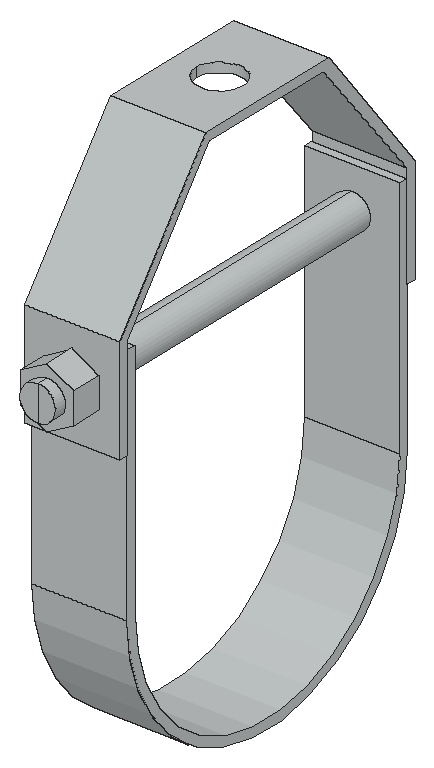
Revit family "7006E Light Duty Clevis Hanger", category Pipe Accessories, Revit 2018
Family settings
  Round Connector Dimension = Use Diameter
  Part Type = Normal
  OmniClass Number = 23.60.30.11.17
  OmniClass Title = Pipework/Ductwork Mechanical Fasteners/Supports
  Work Plane-Based = No
  Always vertical = Yes
  Cut with Voids When Loaded = No
  Shared = No
Parameters
  smallersize [instance] = Nominal Diameter < 1.350"  # no
  nut1_dia [instance] = size_lookup("nut_hex_US", "nut_dia", 1.500", D3)  # 0.5625"
  bolt rad [instance] = if(Nominal Diameter > 18.000", 0.500", nut1_dia / 3)  # 0.1875"
  Weight [instance] = size_lookup(LookupTable, "Weight", "NA", Nominal Diameter)  # "0.51 lbs."
  Product ID [instance] = size_lookup(LookupTable, "ProductID", "NA", Nominal Diameter)  # "3860004"
  Part Number [instance] = size_lookup(LookupTable, "PartNumber", "NA", Nominal Diameter)  # "FNW7006EP0300"
  LookupTable [instance] = "7006E Light Duty Clevis Hanger"  # constant formula
  fillet [instance] = D3 + Y2  # 0.475"
  Z1 [instance] = size_lookup(LookupTable, "Z1", 0.000", Nominal Diameter)  # 1.5625"
  Z4 [instance] = size_lookup(LookupTable, "Z4", 0.000", Nominal Diameter)  # 4.0625"
  Z3 [instance] = size_lookup(LookupTable, "Z3", 0.000", Nominal Diameter)  # 2.6875"
  Z2 [instance] = size_lookup(LookupTable, "Z2", 0.000", Nominal Diameter)  # 2.125"
  Z5 [instance] = size_lookup(LookupTable, "Z5", 0.000", Nominal Diameter)  # 2.5625"
  Y1 [instance] = size_lookup(LookupTable, "Y1", 0.000", Nominal Diameter)  # 1.3646"
  Y2 [instance] = size_lookup(LookupTable, "Y2", 0.000", Nominal Diameter)  # 0.100"
  nut1_height [instance] = size_lookup("nut_hex_US", "nut_height", 1.000", D3)  # 0.32813"
  W1 [instance] = size_lookup(LookupTable, "W1", 0.000", Nominal Diameter)  # 1.000"
  URL = "http://fnw.com"
  Nominal Diameter [instance] = 3.000"
  Manufacturer = "FNW"  # constant formula
  Description BOM [instance] = size_lookup(LookupTable, "Description_BOM", "NA", Nominal Diameter)  # "3 7006E Light Duty Clevis Hanger"
  D3 [instance] = size_lookup(LookupTable, "D3", 0.000", Nominal Diameter)  # 0.375"
  D2 [instance] = size_lookup(LookupTable, "D2", 0.000", Nominal Diameter)  # 0.500"
  D1 [instance] = size_lookup(LookupTable, "D1", 0.000", Nominal Diameter)  # 3.500"
  bolt_length [instance] = D1 + (Y2 * 4) + nut1_height + 0.125"  # 4.35313"
  biggersize [instance] = Nominal Diameter > 1.350"  # yes
  120 = 120.00°
Reference planes (in)
  plane 1 "Center (Front/Back)": y = 0
  plane 2: z = 0
  plane 3 "Center (Left/Right)": x = 0
  plane 4: z = 2.125
  plane 5: z = 4.0625
  plane 6: z = 2.6875
  plane 7: z = 1.5625
  plane 8: y = 0.6823
  plane 9: y = -0.6823
  plane 10: y = -1.75
  plane 11: y = 1.75
  plane 12: y = -1.85
  plane 13: y = 1.85
  plane 14: y = 1.95
  plane 15: y = -1.95
  plane 16: y = -2.27813
  plane 17: y = 2.27812
  plane 18: z = 1.8
  plane 19: x = -0.5
  plane 20: x = 0.5
  plane 21: y = -2.40313
  plane 22: z = 4.1625
Forms (in)
  Sweep 1, solid, material "Steel, Galvanized"
    path origin (0, 0, 0) x (0, 1, 0) y (0, 0, 1)
      loop
        line (1.75, 2.5625) -> (1.75, 0)
        arc (1.75, 0) -> (0, -1.75) -> (-1.75, 0) r 1.75
        line (-1.75, 0) -> (-1.75, 2.5625)
    profile origin (0, 1.75, 1.28125) x (1, 0, 0) y (0, 1, 0)
      loop
        line (-0.5, 0.1) -> (-0.5, 0) -> (0.5, 0) -> (0.5, 0.1) -> (-0.5, 0.1)
  Extrusion 2, void
    sketch origin (0, 0, 0) x (1, 0, 0) y (0, 1, 0)
      loop
        circle (0, 0) r 0.25
    from 4.0625 to 4.1625
  Extrusion 3, solid, material "Steel, Galvanized", visible <- "smallersize"
    sketch origin (0, 0, 0) x (0, 1, 0) y (0, 0, 1)
      loop
        line (-1.85, 1.5625) -> (-1.85, 3.6875)
        arc (-1.85, 3.6875) -> (-1.74017, 3.95267) -> (-1.475, 4.0625) r 0.375
        line (-1.475, 4.0625) -> (1.475, 4.0625)
        arc (1.475, 4.0625) -> (1.74017, 3.95267) -> (1.85, 3.6875) r 0.375
        line (1.85, 3.6875) -> (1.85, 1.5625) -> (1.95, 1.5625) -> (1.95, 3.6875)
        arc (1.95, 3.6875) -> (1.81088, 4.02338) -> (1.475, 4.1625) r 0.475
        line (1.475, 4.1625) -> (-1.475, 4.1625)
        arc (-1.475, 4.1625) -> (-1.81088, 4.02338) -> (-1.95, 3.6875) r 0.475
        line (-1.95, 3.6875) -> (-1.95, 1.5625) -> (-1.85, 1.5625)
    from -0.5 to 0.5
  Extrusion 4, solid, material "Steel, Galvanized", visible <- "biggersize"
    sketch origin (0, 0, 0) x (0, 1, 0) y (0, 0, 1)
      loop
        line (-1.95, 2.6875) -> (-1.95, 1.5625) -> (-1.85, 1.5625) -> (-1.85, 2.65345) -> (-0.76469, 4.0625) -> (0.73225, 4.0625) -> (1.85, 2.66126) -> (1.85, 1.5625) -> (1.95, 1.5625) -> (1.95, 2.6875) -> (0.81389, 4.1625) -> (-0.81389, 4.1625) -> (-1.95, 2.6875)
    from -0.5 to 0.5
  Revolve 5, solid, material "Steel, Galvanized"
    sketch origin (0, 0, 0) x (0, 1, 0) y (0, 0, 1)
      loop
        line (-2.40313, 2.125) -> (1.95, 2.125) -> (1.95, 2.3125) -> (-2.40313, 2.3125) -> (-2.40313, 2.125)
      axis (1.95, 2.125) -> (-2.40313, 2.125)
    angle from 0 to 360
Cuts and joins
  Extrusion 2 cuts Extrusion 3
  Extrusion 2 cuts Extrusion 4
Lines and regions (in)
  model lines, style "center"
    curve 1: line (0, 0, 4.0625) -> (0, 0, 0)
    curve 2: line (0, 1.75, 0) -> (0, -1.75, 0)
Dimensions and locks (in)
  equal spacing: Sweep 1 sketch curve, plane 1 "Center (Front/Back)", Sweep 1 sketch curve
  "D1": Sweep 1 sketch curve to Sweep 1 sketch curve
  "Z5": Sweep 1 sketch curve to level  (x2)
  equal spacing: Sweep 1 sketch curve, profile plane, Sweep 1 sketch curve
  "W1": Sweep 1 sketch curve to Sweep 1 sketch curve
  "Y2": Sweep 1 sketch curve to Sweep 1 sketch curve
  "Z4": plane 5 to plane 2
  "Z3": plane 6 to plane 2
  "Z1": plane 7 to plane 2
  equal spacing: plane 9, plane 1 "Center (Front/Back)", plane 8
  "Y1": plane 9 to plane 8
  equal spacing: plane 10, plane 1 "Center (Front/Back)", plane 11
  "D1": plane 10 to plane 11
  "Y2": plane 12 to plane 10
  "Y2": plane 11 to plane 13
  "Y2": plane 15 to plane 12
  "Y2": plane 13 to plane 14
  "nut1_height": plane 14 to plane 17
  "nut1_height": plane 16 to plane 15
  "Z2": plane 4 to plane 2
  "Y2": Extrusion 3 sketch curve to plane 5
  equal spacing: plane 19, plane 3 "Center (Left/Right)", plane 20
  "W1": plane 19 to plane 20
  "bolt_length": plane 14 to plane 21
  "Y2": plane 22 to plane 5
  "Y2": Extrusion 4 sketch curve to Extrusion 4 sketch curve
  "Y2": plane 13 to Extrusion 4 sketch curve
  "Y2": Extrusion 4 sketch curve to plane 12
  "bolt rad": Revolve 5 sketch curve to plane 4
  "D1": diameter of Sweep 1 sketch curve
  "D2": diameter of Extrusion 2 sketch curve
  "D3": radius of Extrusion 3 sketch curve  (x2)
  "fillet": radius of Extrusion 3 sketch curve  (x2)
  aligned and locked: plane 2 to level
  aligned and locked: Sweep 1 sketch curve to profile plane
  aligned and locked: plane 7 to Extrusion 3 sketch curve
  aligned and locked: Extrusion 3 sketch curve to plane 7
  aligned and locked: plane 14 to Extrusion 3 sketch curve
  aligned and locked: Extrusion 3 sketch curve to plane 13
  aligned and locked: plane 12 to Extrusion 3 sketch curve
  aligned and locked: Extrusion 3 sketch curve to plane 5
  aligned and locked: plane 19 to Extrusion 3
  aligned and locked: Extrusion 3 to plane 20
  aligned and locked: Extrusion 2 to plane 5
  aligned and locked: plane 22 to Extrusion 2
  aligned and locked: plane 12 to Extrusion 4 sketch curve
  aligned and locked: Extrusion 4 sketch curve to plane 13
  aligned and locked: cut or joined group of Extrusion 2, Extrusion 4 to plane 20
  aligned and locked: plane 19 to cut or joined group of Extrusion 2, Extrusion 4
  aligned and locked: plane 4 to Revolve 5 sketch curve  (x2)
  aligned and locked: cut or joined group of Extrusion 2, Extrusion 4 to plane 7  (x2)
  aligned and locked: Revolve 5 sketch curve to plane 14
  aligned and locked: plane 21 to Revolve 5 sketch curve
  aligned and locked: nested 2 to plane 15
Automatic sketch dimensions
  curve 2 to plane 3 "Center (Left/Right)" = 0.000"
  plane 10 to curve 2 = 0.000"
  curve 2 to plane 11 = 0.000"
  curve 1 to level = 0.000"
  curve 1 to plane 1 "Center (Front/Back)" = 0.000"
  curve 1 to plane 5 = 0.000"
  Sweep 1 sketch curve to level = 0.000"
  plane 1 "Center (Front/Back)" to Extrusion 2 sketch curve = 0.000"
  Extrusion 2 sketch curve to plane 3 "Center (Left/Right)" = 0.000"
  Extrusion 3 sketch curve to Extrusion 3 sketch curve = 0.000"
  Extrusion 4 sketch curve to plane 22 = 0.000"
  Extrusion 4 sketch curve to plane 5 = 0.000"
  Extrusion 4 sketch curve to plane 7 = 0.000"  (x2)
  Extrusion 4 sketch curve to plane 6 = 0.000"  (x2)
  Extrusion 4 sketch curve to plane 9 = 0.13159"
  Extrusion 4 sketch curve to plane 8 = 0.04995"
  Extrusion 4 sketch curve to Extrusion 4 sketch curve = 0.08163"
  Extrusion 4 sketch curve to plane 6 = 0.02624"
  Revolve 5 sketch curve to plane 15 = 0.03399"
  plane 17 to Revolve 5 sketch curve = 0.16471"
Nested families (in)
  nested 1: "nest hex nut" at (-0.15598, 1.95, 2.23182) x (0, 0, 1) z (0, 1, 0), BHX1 <- "nut1_height", SCD3 <- "nut1_dia", type "nest hex nut"
    with Weight "", SCR3 0.28125", SCD3 0.5625", Product ID "", Part Number "", Nominal Diameter 1/2", Description BOM "", Center of Hex 12.000", BHX1 0.32813"
  nested 2: "nest hex nut" at (0, -2.27813, 2.12306) x (0, 0, 1) z (0, 1, 0), BHX1 <- "nut1_height", SCD3 <- "nut1_dia", type "nest hex nut"
    with Weight "", SCR3 0.28125", SCD3 0.5625", Product ID "", Part Number "", Nominal Diameter 1/2", Description BOM "", Center of Hex 12.000", BHX1 0.32813"
Definition of nested family "nest hex nut"
  Parameters (values of type "nest hex nut")
    Weight [instance] = ""
    URL = "http://www.fnw.com"
    Standards Lookup Table = "Standards"  # constant formula
    SCR3 [instance] = SCD3 / 2  # 0.500"
    SCD3 [instance] = 1.000"
    Product ID [instance] = ""
    Part Number [instance] = ""
    Nominal Diameter [instance] = 1/2"
    LookupTable = ""
    Description BOM [instance] = ""
    Default Elevation = 48.000"
    Center of Hex [instance] = 12.000"
    BHX1 [instance] = 0.70262"
    120 = 120.00°
  Reference planes (in)
    plane 1 "Center (Front/Back)": y = 0
    plane 2: z = 0
    plane 3 "Center (Left/Right)": x = 0
    plane 4: z = 0.70262
    plane 5: x = 0
  Forms (in)
    Extrusion 1, solid
      sketch origin (-12, 0, 0) x (1, 0, 0) y (0, 1, 0)
        loop
          line (12.57735, 0) -> (12.28868, 0.5) -> (11.71132, 0.5) -> (11.42265, 0) -> (11.71132, -0.5) -> (12.28868, -0.5) -> (12.57735, 0)
      from 0 to 0.70262
  Dimensions and locks (in)
    "BHX1": plane 4 to plane 2
    equal spacing: Extrusion 1 sketch curve, plane 5, Extrusion 1 sketch curve  (x2)
    equal spacing: Extrusion 1 sketch curve, plane 1 "Center (Front/Back)", Extrusion 1 sketch curve
    "SCD3": Extrusion 1 sketch curve to Extrusion 1 sketch curve  (x3)
    "120": angle Extrusion 1 sketch curve to Extrusion 1 sketch curve  (x5)
    aligned and locked: plane 2 to level
    aligned and locked: Extrusion 1 to plane 4
    aligned and locked: Extrusion 1 to plane 2
